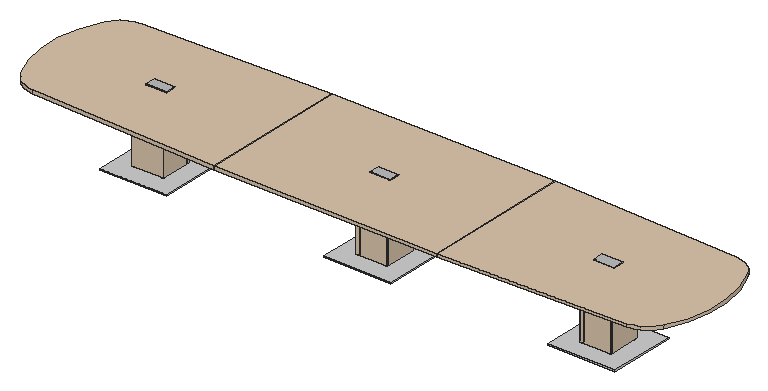
Revit family "Haworth_Planes_ColumnBaseConferenceTable_PebbleThreePiece", category Furniture Systems, Revit 2018 (continued)
Definition of nested family "Haworth_Planes_Worksurface_Pebble_3Piece_PART"
  Definition of nested family "Haworth_Planes_Worksurface_Pebble42_3Pieces_Part"
    Automatic sketch dimensions
      Masking region 14 sketch curve to Masking region 14 sketch curve = 20.84"
      Masking region 14 sketch curve to Masking region 14 sketch curve = 1072.44381"
      Masking region 14 sketch curve to Masking region 14 sketch curve = 0.80122"  (x2)
      Masking region 15 sketch curve to Masking region 15 sketch curve = 0"  (x13)
      Masking region 15 sketch curve to Masking region 15 sketch curve = 32.37716"  (x2)
      Masking region 15 sketch curve to plane 3 "Center L/R" = 46.30392"  (x2)
      Masking region 15 sketch curve to plane 3 "Center L/R" = 44.84"
      plane 3 "Center L/R" to Masking region 15 sketch curve = 44.84"
      plane 3 "Center L/R" to Masking region 15 sketch curve = 46.30392"  (x2)
      Masking region 15 sketch curve to Masking region 15 sketch curve = 44.68"
      plane 1 "Center F/B" to Masking region 15 sketch curve = 1153.95757"
      plane 1 "Center F/B" to Masking region 15 sketch curve = 6.38116"
      Masking region 15 sketch curve to Masking region 15 sketch curve = 6.38116"  (x2)
      Masking region 15 sketch curve to Masking region 15 sketch curve = 12.76232"  (x2)
      Masking region 15 sketch curve to Masking region 15 sketch curve = 20.84"
      Masking region 15 sketch curve to Masking region 15 sketch curve = 1133.11757"
      Masking region 15 sketch curve to Masking region 15 sketch curve = 0.78012"  (x2)
      curve 30 to plane 1 "Center F/B" = 20.84"
      curve 30 to plane 3 "Center L/R" = 44.84"
      curve 30 to curve 29 = 1"
      curve 29 to curve 28 = 1"
      curve 28 to curve 27 = 1"
      curve 27 to curve 26 = 1"
      curve 26 to curve 25 = 1"
      curve 25 to curve 24 = 1"
      curve 24 to curve 23 = 1"
      curve 23 to curve 22 = 1"
      curve 22 to curve 21 = 1"
      curve 21 to curve 20 = 1"
      curve 20 to curve 19 = 1"
      curve 19 to curve 18 = 1"
      curve 18 to curve 17 = 1"
      curve 17 to curve 1 = 1"
      plane 3 "Center L/R" to curve 2 = 30.84"
      curve 2 to curve 3 = 1"
      curve 3 to curve 4 = 1"
      curve 4 to curve 5 = 1"
      curve 5 to curve 6 = 1"
      curve 6 to curve 7 = 1"
      curve 7 to curve 8 = 1"
      curve 8 to curve 9 = 1"
      curve 9 to curve 10 = 1"
      curve 10 to curve 11 = 1"
      curve 11 to curve 12 = 1"
      curve 12 to curve 13 = 1"
      curve 13 to curve 14 = 1"
      curve 14 to curve 15 = 1"
      curve 15 to curve 16 = 1"
      curve 30 to curve 29 = 0"  (x2)
      curve 15 to plane 1 "Center F/B" = 20.84"
      curve 2 to curve 15 = 0"
      curve 29 to curve 28 = 0"
      curve 28 to curve 27 = 0"  (x2)
      curve 2 to curve 3 = 0"  (x2)
      curve 3 to curve 4 = 0"  (x2)
      curve 27 to curve 26 = 0"  (x2)
      curve 26 to curve 25 = 0"  (x2)
      curve 4 to curve 5 = 0"  (x2)
      curve 5 to curve 6 = 0"  (x2)
      curve 25 to curve 24 = 0"  (x2)
      curve 24 to curve 23 = 0"  (x2)
      curve 6 to curve 7 = 0"  (x2)
      curve 7 to curve 8 = 0"  (x2)
      curve 23 to curve 22 = 0"  (x2)
      curve 22 to curve 21 = 0"  (x2)
      curve 8 to curve 9 = 0"  (x2)
      curve 9 to curve 10 = 0"  (x2)
      curve 21 to curve 20 = 0"  (x2)
      curve 20 to curve 19 = 0"  (x2)
      curve 10 to curve 11 = 0"  (x2)
      curve 11 to curve 12 = 0"  (x2)
      curve 19 to curve 18 = 0"  (x2)
      curve 18 to curve 17 = 0"  (x2)
      curve 12 to curve 13 = 0"  (x2)
      curve 13 to curve 14 = 0"  (x2)
      curve 15 to curve 16 = 0"  (x2)
      plane 1 "Center F/B" to curve 29 = 20.84"
      plane 1 "Center F/B" to curve 15 = 20.84"
      curve 14 to curve 15 = 0"
      curve 29 to curve 17 = 0"
      curve 17 to curve 1 = 0"  (x2)
Definition of nested family "Haworth_Worksurface_FlipTop_Unit_Part"
  Parameters (values of type "Flip Top")
    Warranty = "https://www.haworth.com/resources/product-info/warranties"
    URL - Product = "https://www.haworth.com/products/tables/conference/planes"
    URL = "www.haworth.com"
    Sustainability Info = "https://www.haworth.com/company-info/sustainability"
    Size = "Verify Final Dim. w/ Haworth"  # constant formula
    Revision Number = "2"  # constant formula
    Model = "Haworth_Worksurface-Flip_Top_Unit"  # constant formula
    Manufacturer = "Haworth"  # constant formula
    LEED Data = "www.haworth.com/_layouts/Haworth.ProductCatalog/Handlers/GetAsset.ashx/ComposeLEEDContributions.pdf?cid=27&rid=1824&type=Leed"
    Flip Top Finish = none
    Description = "Haworth Worksurface-Flip Top Unit - Part"
    Default Elevation = 48"
    Author = "Haworth (Alias), SHAPE Environments, LLC"  # constant formula
    Assembly Code = "E2020200"
    Actual Width = 8 1/4"
    Actual Depth = 4 3/8"
  Reference planes (in)
    plane 1 "Center F/B": y = 0.05249
    plane 2: z = 0
    plane 3 "Center L/R": x = 0.57037
    plane 4 "Back": y = 2.23999
    plane 5 "Right": x = 4.69537
    plane 6 "Front": y = -2.13501
    plane 7 "Left": x = -3.55463
    plane 8 "Table Height": z = 0
  Forms (in)
    Extrusion 1, solid, material <- "Flip Top Finish"
      sketch origin (0, 0, 0) x (-1, 0, 0) y (0, -1, 0)
        loop
          line (3.55463, -2.23999) -> (3.55463, 2.13501) -> (-4.69537, 2.13501) -> (-4.69537, -2.23999) -> (3.55463, -2.23999)
      from 0 to 0.125
    Extrusion 2, solid, material <- "Flip Top Finish"
      sketch origin (0, 0, 0) x (-1, 0, 0) y (0, -1, 0)
        loop
          line (3.42963, -2.05249) -> (3.42963, 1.94751) -> (-4.57037, 1.94751) -> (-4.57037, -2.05249) -> (3.42963, -2.05249)
      from 0 to -2.75
  Cuts and joins
    joined: Extrusion 1, Extrusion 2
  Lines and regions (in)
    Masking region 1
      outline origin (0, 0, 0) x (1, 0, 0) y (0, 1, 0)
        loop
          line (-3.55463, 2.23999) -> (-3.55463, -2.13501) -> (4.69537, -2.13501) -> (4.69537, 2.23999) -> (-3.55463, 2.23999)
  Dimensions and locks (in)
    equal spacing: plane 7 "Left", plane 3 "Center L/R", plane 5 "Right"
    "Actual Width": plane 7 "Left" to plane 5 "Right"
    equal spacing: plane 6 "Front", plane 1 "Center F/B", plane 4 "Back"
    "Actual Depth": plane 4 "Back" to plane 6 "Front"
    plane 7 "Left" to Extrusion 2 sketch curve = 1/8"
    plane 4 "Back" to Extrusion 2 sketch curve = 3/16"
    Extrusion 2 sketch curve to plane 5 "Right" = 1/8"
    Extrusion 2 sketch curve to plane 6 "Front" = 3/16"
    locked: plane 8 "Table Height" to level
    aligned and locked: plane 7 "Left" to Extrusion 1 sketch curve
    aligned and locked: Extrusion 1 sketch curve to plane 4 "Back"
    aligned and locked: plane 6 "Front" to Extrusion 1 sketch curve
    aligned and locked: Extrusion 1 sketch curve to plane 5 "Right"
    aligned and locked: Masking region 1 sketch curve to cut or joined group of Extrusion 1, Extrusion 2  (x3)
    aligned and locked: cut or joined group of Extrusion 1, Extrusion 2 to Masking region 1 sketch curve
Definition of nested family "Haworth_Planes_ColumnBase_Part"
  Parameters (values of type "Square")
    Warranty = "http://www.haworth.com/resources/product-info/warranties"
    URL - Product = "http://www.haworth.com/products/tables/conference/planes"
    URL = "www.haworth.com"
    Trim Finish = none
    Top Gap = 1 1/2"  # constant formula
    Sustainability Info = "http://www.haworth.com/company-info/sustainablility"
    Support Finish = none
    Size = "Verify Final Dim. w/ Haworth"  # constant formula
    Revision Number = "2"  # constant formula
    Model = "Haworth - Planes - Enhanced Column Base - LIMITED"  # constant formula
    Min. Height = 27"  # constant formula
    Max. Height = 36"  # constant formula
    Manufacturer = "Haworth"  # constant formula
    Description = "Haworth - Planes - Enhanced Column Base - LIMITED"  # constant formula
    Column Frame Width 9 = no
    Column Frame Width 12 = yes
    Cladding Thickness = 1/8"  # constant formula
    Cladding Square = yes
    Cladding Round = no
    Cladding Radius = 8 1/2"  # constant formula
    Base Plate Square = yes
    Base Plate Round = no
    Base Plate Radius = 15"  # constant formula
    Base Height Offset = 3/8"  # constant formula
    Base Finish = none
    Base Depth Offset = 7 1/8"  # constant formula
    Author = "Haworth (Hampton)"  # constant formula
    Assembly Code = "E2020200"
    Actual Width = 12 3/4"  # constant formula
    Actual Height = 27 3/16"
    Actual Depth = 12 3/4"  # constant formula
  Types (2): name | Cladding Square | Cladding Round | Base Plate Square | Base Plate Round
    Square | yes | no | yes | no
    Round | no | yes | no | yes
  Reference planes (in)
    plane 1 "Center F/B": y = 3.625
    plane 2 "Bottom": z = 0
    plane 3 "Center L/R": x = 0
    plane 4 "Left": x = -6.375
    plane 5 "Right": x = 6.375
    plane 6 "Front": y = -2.75
    plane 7 "Top": z = 27.1875
    plane 8 "Back": y = 10
    plane 9: y = 9.25
    plane 10: x = 5.625
    plane 11: x = -5.625
    plane 12: y = -2
    plane 13 "Panel Top": z = 25.6875
    plane 14 "Base Plate Top": z = 0.375
    plane 15 "Panel Bottom": z = 0.75
    plane 16: x = -6.25
    plane 17: x = 6.25
    plane 18: y = 9.875
    plane 19: y = -2.625
    plane 20 "Plate Back": y = 17.125
    plane 21 "Plate Front": y = -9.875
    plane 22 "Plate Left": x = -13.5
    plane 23 "Plate Right": x = 13.5
    plane 24 "Angel 2": through (6.375, 10, 48) normal (0.7071, -0.7071, 0)
    plane 25 "Angel 1": through (-6.375, 10, 48) normal (0.7071, 0.7071, 0)
    plane 26: through (6.375, -2.75, 48) normal (-0.7071, -0.7071, 0)
    plane 27: through (6.375, 10, 48) normal (0.7071, -0.7071, 0)
    plane 28: through (-6.375, -2.75, 48) normal (-0.7071, 0.7071, 0)
    plane 29: through (6.375, -2.75, 48) normal (-0.7071, -0.7071, 0)
    plane 30: through (-6.375, 10, 48) normal (0.7071, 0.7071, 0)
    plane 31: through (-6.375, -2.75, 48) normal (-0.7071, 0.7071, 0)
  Forms (in)
    Extrusion 1, solid, material <- "Trim Finish", visible <- "Cladding Square"
      sketch origin (0, 0, 0) x (1, 0, 0) y (0, 1, 0)
        loop
          line (-6.375, 9.875) -> (-6.375, -2.625) -> (-6.25, -2.625) -> (-6.25, 9.875) -> (-6.375, 9.875)
      from 0.75 to 25.6875
    Extrusion 2, solid, material <- "Trim Finish", visible <- "Cladding Square"
      sketch origin (0, 0, 0) x (1, 0, 0) y (0, 1, 0)
        loop
          line (-6.25, 10) -> (-6.25, 9.875) -> (6.25, 9.875) -> (6.25, 10) -> (-6.25, 10)
      from 0.75 to 25.6875
    Extrusion 3, solid, material <- "Trim Finish", visible <- "Cladding Square"
      sketch origin (0, 0, 0) x (1, 0, 0) y (0, 1, 0)
        loop
          line (6.25, 9.875) -> (6.25, -2.625) -> (6.375, -2.625) -> (6.375, 9.875) -> (6.25, 9.875)
      from 0.75 to 25.6875
    Extrusion 4, solid, material <- "Trim Finish", visible <- "Cladding Square"
      sketch origin (0, 0, 0) x (1, 0, 0) y (0, 1, 0)
        loop
          line (-6.25, -2.625) -> (-6.25, -2.75) -> (6.25, -2.75) -> (6.25, -2.625) -> (-6.25, -2.625)
      from 0.75 to 25.6875
    Extrusion 5, solid, material <- "Support Finish"
      sketch origin (0, 0, 0) x (1, 0, 0) y (0, 1, 0)
        loop
          circle (-5.625, 9.25) r 0.375
        loop
          circle (5.625, 9.25) r 0.375
        loop
          circle (5.625, -2) r 0.375
        loop
          circle (-5.625, -2) r 0.375
      from 0.375 to 27.1875
    Extrusion 6, solid, material <- "Base Finish", visible <- "Base Plate Square"
      sketch origin (0, 0, 0) x (1, 0, 0) y (0, 1, 0)
        loop
          line (-13.5, 17.125) -> (-13.5, -9.875) -> (13.5, -9.875) -> (13.5, 17.125) -> (-13.5, 17.125)
      from 0 to 0.375
    Extrusion 7, solid, material <- "Base Finish", visible <- "Base Plate Round"
      sketch origin (0, 0, 0) x (1, 0, 0) y (0, 1, 0)
        loop
          circle (0, 3.625) r 15
      from 0 to 0.375
    Extrusion 8, solid, material <- "Trim Finish", visible <- "Cladding Round"
      sketch origin (0, 0, 0) x (1, 0, 0) y (0, 1, 0)
        loop
          arc (-6.01041, 9.63541) -> (0, 12.125) -> (6.01041, 9.63541) r 8.5
          line (6.01041, 9.63541) -> (6.01041, 9.81092)
          arc (6.01041, 9.81092) -> (0, 12.25) -> (-6.01041, 9.81092) r 8.625
          line (-6.01041, 9.81092) -> (-6.01041, 9.63541)
      from 0.75 to 25.6875
    Extrusion 9, solid, material <- "Trim Finish", visible <- "Cladding Round"
      sketch origin (-3.625, 3.625, 0) x (0, -1, 0) y (1, 0, 0)
        loop
          arc (-6.01041, 9.63541) -> (0, 12.125) -> (6.01041, 9.63541) r 8.5
          line (6.01041, 9.63541) -> (6.01041, 9.81092)
          arc (6.01041, 9.81092) -> (0, 12.25) -> (-6.01041, 9.81092) r 8.625
          line (-6.01041, 9.81092) -> (-6.01041, 9.63541)
      from 0.75 to 25.6875
    Extrusion 10, solid, material <- "Trim Finish", visible <- "Cladding Round"
      sketch origin (0, 7.25, 0) x (-1, 0, 0) y (0, -1, 0)
        loop
          arc (-6.01041, 9.63541) -> (0, 12.125) -> (6.01041, 9.63541) r 8.5
          line (6.01041, 9.63541) -> (6.01041, 9.81092)
          arc (6.01041, 9.81092) -> (0, 12.25) -> (-6.01041, 9.81092) r 8.625
          line (-6.01041, 9.81092) -> (-6.01041, 9.63541)
      from 0.75 to 25.6875
    Extrusion 11, solid, material <- "Trim Finish", visible <- "Cladding Round"
      sketch origin (3.625, 3.625, 0) x (0, 1, 0) y (-1, 0, 0)
        loop
          arc (-6.01041, 9.63541) -> (0, 12.125) -> (6.01041, 9.63541) r 8.5
          line (6.01041, 9.63541) -> (6.01041, 9.81092)
          arc (6.01041, 9.81092) -> (0, 12.25) -> (-6.01041, 9.81092) r 8.625
          line (-6.01041, 9.81092) -> (-6.01041, 9.63541)
      from 0.75 to 25.6875
  Lines and regions (in)
    symbolic lines, visible <- "Base Plate Square", detail levels medium+fine
      curve 1: line (-13.5, 17.125, 0) -> (13.5, 17.125, 0)
      curve 2: line (13.5, 17.125, 0) -> (13.5, -9.875, 0)
      curve 3: line (13.5, -9.875, 0) -> (-13.5, -9.875, 0)
      curve 4: line (-13.5, -9.875, 0) -> (-13.5, 17.125, 0)
    symbolic lines, visible <- "Cladding Square", detail levels medium+fine
      curve 5: line (-6.375, 10, 0) -> (6.375, 10, 0)
      curve 6: line (6.375, 10, 0) -> (6.375, -2.75, 0)
      curve 7: line (6.375, -2.75, 0) -> (-6.375, -2.75, 0)
      curve 8: line (-6.375, -2.75, 0) -> (-6.375, 10, 0)
    model lines, visible <- "Base Plate Round"
      curve 9: circle (0, 3.625, 0) r 15 normal (0, 0, 1)
    symbolic lines, visible <- "Base Plate Round", detail levels medium+fine
      curve 10: circle (0, 3.625, 0) r 8.5 normal (0, 0, 1)
  Dimensions and locks (in)
    equal spacing: plane 8 "Back", plane 1 "Center F/B", plane 6 "Front"
    "Actual Depth": plane 8 "Back" to plane 6 "Front"
    equal spacing: plane 4 "Left", plane 3 "Center L/R", plane 5 "Right"
    "Actual Width": plane 4 "Left" to plane 5 "Right"
    "Actual Height": plane 7 "Top" to level
    locked: plane 4 "Left" to plane 11 at 0.75
    locked: plane 10 to plane 5 "Right" at 0.75
    locked: plane 8 "Back" to plane 9 at 0.75
    locked: plane 12 to plane 6 "Front" at 0.75
    "Base Height Offset": plane 14 "Base Plate Top" to level
    "Base Height Offset": plane 15 "Panel Bottom" to plane 14 "Base Plate Top"
    "Top Gap": plane 7 "Top" to plane 13 "Panel Top"
    "Base Depth Offset": plane 22 "Plate Left" to plane 4 "Left"
    "Base Depth Offset": plane 5 "Right" to plane 23 "Plate Right"
    "Base Depth Offset": plane 21 "Plate Front" to plane 6 "Front"
    "Base Depth Offset": plane 20 "Plate Back" to plane 8 "Back"
    "Cladding Thickness": plane 8 "Back" to plane 18
    "Cladding Thickness": plane 19 to plane 6 "Front"
    "Cladding Thickness": plane 4 "Left" to plane 16
    "Cladding Thickness": plane 17 to plane 5 "Right"
    "Base Plate Radius": radius of Extrusion 7 sketch curve
    "Base Plate Radius": radius of curve 9
    "Cladding Radius": radius of Extrusion 8 sketch curve
    "Cladding Radius": radius of curve 10
    "Cladding Radius": radius of Extrusion 9 sketch curve
    "Cladding Radius": radius of Extrusion 10 sketch curve
    "Cladding Radius": radius of Extrusion 11 sketch curve
    aligned and locked: Extrusion 1 sketch curve to plane 19
    aligned and locked: plane 4 "Left" to Extrusion 1 sketch curve
    aligned and locked: Extrusion 1 sketch curve to plane 16
    aligned and locked: Extrusion 1 sketch curve to plane 18
    aligned and locked: Extrusion 2 sketch curve to plane 8 "Back"
    aligned and locked: plane 18 to Extrusion 2 sketch curve
    aligned and locked: plane 16 to Extrusion 2 sketch curve
    aligned and locked: plane 17 to Extrusion 2 sketch curve
    aligned and locked: Extrusion 3 sketch curve to plane 19
    aligned and locked: Extrusion 3 sketch curve to plane 18
    aligned and locked: Extrusion 3 sketch curve to plane 17
    aligned and locked: plane 5 "Right" to Extrusion 3 sketch curve
    aligned and locked: plane 16 to Extrusion 4 sketch curve
    aligned and locked: plane 17 to Extrusion 4 sketch curve
    aligned and locked: plane 19 to Extrusion 4 sketch curve
    aligned and locked: plane 6 "Front" to Extrusion 4 sketch curve
    aligned and locked: plane 13 "Panel Top" to Extrusion 4
    aligned and locked: Extrusion 4 to plane 15 "Panel Bottom"
    aligned and locked: plane 13 "Panel Top" to Extrusion 2
    aligned and locked: Extrusion 2 to plane 15 "Panel Bottom"
    aligned and locked: Extrusion 1 to plane 15 "Panel Bottom"
    aligned and locked: plane 13 "Panel Top" to Extrusion 1
    aligned and locked: Extrusion 3 to plane 15 "Panel Bottom"
    aligned and locked: plane 13 "Panel Top" to Extrusion 3
    aligned and locked: Extrusion 5 to plane 14 "Base Plate Top"
    aligned and locked: plane 7 "Top" to Extrusion 5
    aligned and locked: plane 22 "Plate Left" to Extrusion 6 sketch curve
    aligned and locked: Extrusion 6 sketch curve to plane 21 "Plate Front"
    aligned and locked: plane 23 "Plate Right" to Extrusion 6 sketch curve
    aligned and locked: Extrusion 6 sketch curve to plane 20 "Plate Back"
    aligned and locked: Extrusion 6 to plane 2 "Bottom"
    aligned and locked: Extrusion 6 to plane 14 "Base Plate Top"
    aligned and locked: curve 1 to plane 20 "Plate Back"
    aligned and locked: plane 22 "Plate Left" to curve 4
    aligned and locked: curve 3 to plane 21 "Plate Front"
    aligned and locked: plane 23 "Plate Right" to curve 2
    aligned and locked: plane 5 "Right" to curve 6
    aligned and locked: curve 5 to plane 8 "Back"
    aligned and locked: plane 4 "Left" to curve 8
    aligned and locked: plane 6 "Front" to curve 7
    aligned and locked: Extrusion 7 to plane 2 "Bottom"
    aligned and locked: Extrusion 7 to plane 14 "Base Plate Top"
    aligned and locked: plane 13 "Panel Top" to Extrusion 8
    aligned and locked: Extrusion 8 to plane 15 "Panel Bottom"
    aligned and locked: Extrusion 11 to plane 15 "Panel Bottom"
    aligned and locked: Extrusion 10 to plane 15 "Panel Bottom"
    aligned and locked: Extrusion 9 to plane 15 "Panel Bottom"
    aligned and locked: plane 13 "Panel Top" to Extrusion 11
    aligned and locked: plane 13 "Panel Top" to Extrusion 10
    aligned and locked: plane 13 "Panel Top" to Extrusion 9
    aligned and locked: Extrusion 11 to Extrusion 1  (x2)
    aligned and locked: Extrusion 2 to Extrusion 10  (x2)
    aligned and locked: Extrusion 9 to Extrusion 2
    aligned and locked: Extrusion 2 to Extrusion 9
    aligned and locked: Extrusion 2 to Extrusion 8  (x2)
    aligned and locked: Extrusion 4 to Extrusion 1
    aligned and locked: Extrusion 1 to Extrusion 4
  Automatic sketch dimensions
    Extrusion 5 sketch curve to plane 11 = 0"  (x2)
    Extrusion 5 sketch curve to plane 9 = 0"  (x2)
    Extrusion 5 sketch curve to plane 10 = 0"  (x2)
    Extrusion 5 sketch curve to plane 12 = 0"  (x2)
    curve 9 to curve 10 = 0"  (x2)
    plane 1 "Center F/B" to curve 9 = 0"
    curve 9 to plane 3 "Center L/R" = 0"
    plane 1 "Center F/B" to Extrusion 7 sketch curve = 0"
    Extrusion 7 sketch curve to plane 3 "Center L/R" = 0"
    Extrusion 8 sketch curve to Extrusion 8 sketch curve = 0"  (x2)
    plane 25 "Angel 1" to Extrusion 8 sketch curve = 0"
    plane 1 "Center F/B" to Extrusion 8 sketch curve = 0"
    Extrusion 8 sketch curve to plane 3 "Center L/R" = 0"
    plane 24 "Angel 2" to Extrusion 8 sketch curve = 0"
    Extrusion 8 sketch curve to plane 18 = 0.06408"
    Extrusion 9 sketch curve to Extrusion 9 sketch curve = 0"  (x2)
    Extrusion 9 sketch curve to plane 27 = 0"
    plane 1 "Center F/B" to Extrusion 9 sketch curve = 0"
    plane 26 to Extrusion 9 sketch curve = 0"
    Extrusion 9 sketch curve to plane 3 "Center L/R" = 0"
    plane 17 to Extrusion 9 sketch curve = 0.06408"
    Extrusion 10 sketch curve to Extrusion 10 sketch curve = 0"  (x2)
    Extrusion 10 sketch curve to plane 29 = 0"
    plane 1 "Center F/B" to Extrusion 10 sketch curve = 0"
    Extrusion 10 sketch curve to plane 3 "Center L/R" = 0"
    Extrusion 10 sketch curve to plane 28 = 0"
    Extrusion 10 sketch curve to plane 19 = 0.06408"
    Extrusion 11 sketch curve to Extrusion 11 sketch curve = 0"  (x2)
    plane 31 to Extrusion 11 sketch curve = 0"
    plane 1 "Center F/B" to Extrusion 11 sketch curve = 0"
    Extrusion 11 sketch curve to plane 30 = 0"
    Extrusion 11 sketch curve to plane 3 "Center L/R" = 0"
    plane 16 to Extrusion 11 sketch curve = 0.06408"
    radius of Extrusion 5 sketch curve = 3/8"  (x4)
